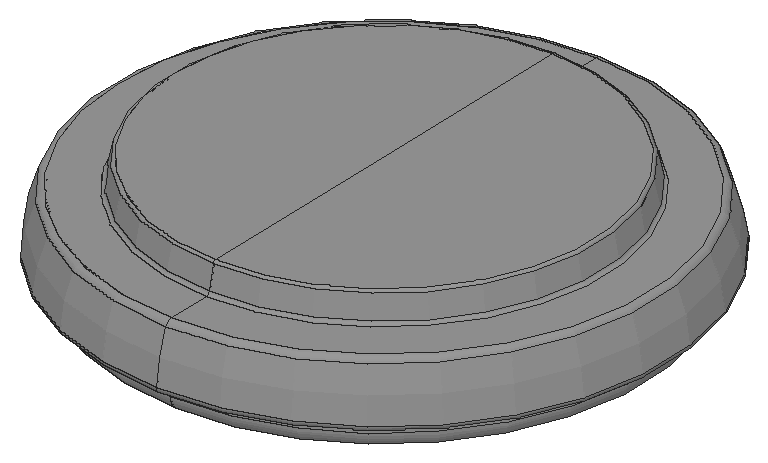
Revit family "FMK11_63_UN_Surface-mounted_ETK", category Lighting Fixtures, Revit 2017 (continued)
Definition of nested family "FMK.1 - Lightsource"
  Types (13, lengths in mm): name | Wattage Comments | Photometric Web File | built-in parameter 1150142 | Apparent Load
      557\r\n575.8245\t567.7807\t558.671\t549.5453\t540.3689\t531.5285\t520.6203\t507.6479\t495.0358\t482.4103\r\n469.7659\t456.1023\t439.9856\t424.2655\t408.544\t392.8333\t376.1554\t357.0502\t338.3348\t319.6294\r\n300.9487\t282.2854\t263.6386\t245.0208\t226.416\t229.2017\t45.4684\t0\t0\t0\r\n0\t0\t0\t0\t0\t0\r\n604.9325\t604.7632\t604.6362\t603.7203\t602.0082\t600.4147\t595.7247\t590.7676\t585.7629\t580.6861\r\n575.9058\t567.6035\t558.5877\t549.4888\t540.4293\t531.726\t520.0768\t507.5\t494.9689\t482.4273\r\n470.2375\t455.5327\t439.9057\t424.245\t408.5773\t393.285\t375.5117\t356.8122\t338.1263\t319.4596\r\n300.8082\t282.1736\t263.5683\t244.9667\t226.3809\t226.4495\t32.7256\t0\t0\t0\r\n0\t0\t0\t0\t0\t0\r\n604.9325\t604.7494\t604.6192\t603.7068\t602.0019\t600.4017\t595.6636\t590.7204\t585.7555\t580.7574\r\n576.0386\t567.5341\t558.5281\t549.5331\t540.4448\t531.678\t519.8299\t507.4404\t494.966\t482.469\r\n470.2994\t455.3393\t439.7438\t424.1484\t408.56\t393.3021\t375.2679\t356.5942\t337.9405\t319.3018\r\n300.6755\t282.0607\t263.4482\t244.854\t226.2716\t222.8477\t22.725\t0\t0\t0\r\n0\t0\t0\t0\t0\t0\r\n604.9325\t604.7357\t604.5967\t603.684\t601.9814\t600.3699\t595.5908\t590.662\t585.7282\t580.7774\r\n576.0465\t567.4397\t558.4879\t549.5241\t540.5844\t531.8864\t519.8198\t507.3101\t494.8808\t482.4693\r\n470.3215\t455.1606\t439.6097\t424.0629\t408.5175\t393.228\t374.9972\t356.3573\t337.7329\t319.1159\r\n300.506\t281.8988\t263.2952\t244.6981\t226.1219\t218.8981\t15.0099\t0\t0\t0\r\n0\t0\t0\t0\t0\t0\r\n604.9325\t604.7223\t604.5686\t603.6521\t601.9545\t600.3064\t595.5102\t590.5972\t585.6714\t580.7393\r\n575.9875\t567.2954\t558.3889\t549.4772\t540.5512\t531.8001\t519.6428\t507.2546\t494.8661\t482.4548\r\n470.231\t454.9664\t439.4613\t423.9574\t408.44\t393.1071\t374.7393\t356.1186\t337.5193\t318.9114\r\n300.3051\t281.7155\t263.1204\t244.529\t225.9498\t215.0686\t9.2037\t0\t0\t0\r\n0\t0\t0\t0\t0\t0\r\n604.9325\t604.7094\t604.4862\t603.611\t601.9186\t600.2519\t595.4135\t590.5198\t585.6158\t580.6958\r\n575.8642\t567.1097\t558.241\t549.3869\t540.4953\t531.7019\t519.4694\t507.1191\t494.7328\t482.3628\r\n470.0882\t454.7379\t439.2614\t423.776\t408.2999\t392.9255\t374.4478\t355.8537\t337.2496\t318.6474\r\n300.0597\t281.4641\t262.8684\t244.288\t225.7094\t211.6358\t4.9997\t0\t0\t0\r\n0\t0\t0\t0\t0\t0\r\n604.9325\t604.6969\t604.4556\t603.5192\t601.874\t600.1956\t595.3363\t590.449\t585.5548\t580.6541\r\n575.7996\t566.9991\t558.1327\t549.2735\t540.42\t531.6019\t519.2964\t506.9413\t494.5886\t482.2445\r\n469.9877\t454.5785\t439.0952\t423.6214\t408.1442\t392.7183\t374.1807\t355.5769\t336.9856\t318.3868\r\n299.7943\t281.203\t262.6158\t244.0278\t225.4394\t208.9068\t2.165\t0\t0\t0\r\n0\t0\t0\t0\t0\t0\r\n604.9325\t604.6847\t604.4274\t603.4735\t601.8037\t600.1361\t595.2676\t590.3811\t585.4992\t580.6088\r\n575.7401\t566.912\t558.0725\t549.2441\t540.4033\t531.587\t519.2191\t506.851\t494.4843\t482.1068\r\n469.7562\t454.3202\t438.8773\t423.4266\t407.9715\t392.5332\t373.932\t355.3289\t336.7255\t318.1135\r\n299.5116\t280.9116\t262.2998\t243.7\t225.1013\t207.0147\t0.5323\t0\t0\t0\r\n0\t0\t0\t0\t0\t0\r\n604.9325\t604.6729\t604.4014\t603.4335\t601.7575\t600.0816\t595.2071\t590.3206\t585.446\t580.5597\r\n575.685\t566.8329\t557.9807\t549.1285\t540.2764\t531.4242\t519.0431\t506.6501\t494.257\t481.8758\r\n469.4829\t454.0447\t438.6064\t423.1684\t407.7302\t392.292\t373.6789\t355.054\t336.4408\t317.8278\r\n299.2028\t280.5896\t261.9646\t243.3516\t224.7385\t206.1135\t0\t0\t0\t0\r\n0\t0\t0\t0\t0\t0\r\n604.9325\t604.6616\t604.378\t603.3995\t601.715\t600.0296\t595.1546\t590.2669\t585.4105\t580.5216\r\n575.6582\t566.7631\t557.8634\t548.9492\t540.0325\t531.1387\t518.7759\t506.3999\t494.0246\t481.6485\r\n469.2857\t453.8306\t438.3655\t422.898\t407.4405\t391.9924\t373.3723\t354.7354\t336.1017\t317.4682\r\n298.8328\t280.1999\t261.5672\t242.9339\t224.3137\t206.2036\t0.5301\t0\t0\t0\r\n0\t0\t0\t0\t0\t0\r\n604.9325\t604.6507\t604.3569\t603.3713\t601.698\t599.9887\t595.1169\t590.2224\t585.3231\t580.4075\r\n575.5369\t566.6425\t557.7033\t548.7862\t539.8612\t531.0007\t518.6409\t506.2128\t493.7948\t481.377\r\n469.0121\t453.5886\t438.1005\t422.6195\t407.1375\t391.7061\t373.1018\t354.4428\t335.7831\t317.1238\r\n298.4689\t279.8011\t261.1531\t242.4973\t223.8535\t207.2464\t2.1476\t0\t0\t0\r\n0\t0\t0\t0\t0\t0\r\n604.9325\t604.6403\t604.3383\t603.3781\t601.6534\t599.9308\t595.0598\t590.1302\t585.1637\t580.2052\r\n575.3271\t566.4956\t557.5561\t548.6172\t539.6572\t530.7955\t518.4879\t506.047\t493.6358\t481.2019\r\n468.8827\t453.4616\t437.9077\t422.358\t406.814\t391.4091\t372.8458\t354.1519\t335.4575\t316.7768\r\n298.0863\t279.3995\t260.7148\t242.0356\t223.3535\t209.1392\t4.9398\t0\t0\t0\r\n0\t0\t0\t0\t0\t0\r\n604.9325\t604.6305\t604.3542\t603.3499\t601.5992\t599.8648\t594.9909\t590.0066\t585.0197\t580.0279\r\n575.213\t566.4149\t557.4183\t548.4139\t539.4142\t530.599\t518.354\t505.8662\t493.3253\t480.7725\r\n468.4051\t453.0753\t437.5235\t421.9622\t406.3959\t391.0178\t372.5245\t353.7887\t335.0458\t316.3216\r\n297.6139\t278.9143\t260.2218\t241.5236\t222.8419\t211.7307\t9.0584\t0\t0\t0\r\n0\t0\t0\t0\t0\t0\r\n604.9325\t604.6209\t604.3361\t603.3171\t601.5361\t599.79\t594.9273\t589.9054\t584.8898\t579.8507\r\n575.019\t566.2793\t557.2303\t548.1795\t539.1485\t530.3832\t518.1958\t505.5947\t492.998\t480.4038\r\n468.0549\t452.8183\t437.1902\t421.5538\t405.9366\t390.617\t372.2595\t353.4868\t334.7152\t315.9418\r\n297.1676\t278.4178\t259.6912\t240.9653\t222.2487\t214.6609\t14.7139\t0\t0\t0\r\n0\t0\t0\t0\t0\t0\r\n604.9325\t604.6121\t604.3154\t603.2796\t601.4588\t599.7057\t594.8651\t589.8096\t584.7389\t579.6112\r\n574.75\t566.1333\t557.0381\t547.9336\t538.8114\t530.0323\t517.9997\t505.3262\t492.6666\t480.0139\r\n467.6665\t452.5996\t436.9052\t421.1918\t405.4901\t390.1168\t371.9317\t353.1249\t334.3088\t315.5017\r\n296.703\t277.9087\t259.137\t240.3756\t221.641\t217.6606\t22.1831\t0\t0\t0\r\n0\t0\t0\t0\t0\t0\r\n604.9325\t604.6037\t604.2923\t603.2379\t601.3832\t599.6112\t594.7992\t589.7156\t584.578\t579.3507\r\n574.4365\t565.9847\t556.8299\t547.6569\t538.4624\t529.6436\t517.8379\t505.1383\t492.3998\t479.655\r\n467.2301\t452.3504\t436.5478\t420.7758\t404.9991\t389.6016\t371.6468\t352.7568\t333.902\t315.0466\r\n296.2052\t277.3808\t258.5638\t239.7718\t220.9966\t220.3335\t31.8157\t0\t0\t0\r\n0\t0\t0\t0\t0\t0\r\n604.9325\t604.6264\t604.2668\t603.184\t601.3042\t599.4921\t594.7631\t589.6316\t584.4014\t579.0674\r\n574.1164\t565.8696\t556.6558\t547.4143\t538.1213\t529.2802\t518.2321\t504.9902\t492.1\t479.1502\r\n466.2748\t452.4704\t436.2345\t420.3688\t404.5102\t388.6462\t371.7795\t352.4387\t333.5044\t314.5978\r\n295.7023\t276.8281\t257.9759\t239.1444\t220.3439\t222.1659\t44.019\t0\t0\t0\r\n0\t0\t0\t0\t0\t0\r\n604.9325\t604.6175\t604.2388\t603.1377\t601.2227\t599.393\t594.7597\t589.541\t584.2109\t578.7911\r\n573.7778\t565.8354\t556.5099\t547.1431\t537.7767\t528.4261\t518.0929\t504.6371\t491.6852\t478.7549\r\n465.7705\t452.2449\t435.9539\t419.9514\t403.9894\t388.026\t371.4783\t352.1406\t333.1278\t314.1432\r\n295.1638\t276.2281\t257.3335\t238.4602\t219.6336\t222.5815\t59.2795\t0\t0\t0\r\n0\t0\t0\t0\t0\t0\r\n604.9325\t604.6083\t604.2087\t603.0905\t601.1334\t599.2948\t594.7477\t589.4485\t584.0313\t578.5186\r\n572.9709\t566.2131\t556.303\t546.8736\t537.408\t527.7959\t517.755\t504.4878\t491.4077\t478.3154\r\n465.1946\t451.8663\t435.6497\t419.562\t403.4723\t387.3853\t371.0707\t351.7829\t332.7135\t313.6759\r\n294.6564\t275.6527\t256.6917\t237.7765\t218.8904\t200.0404\t123.0458\t0\t0\t0\r\n0\t0\t0\t0\t0\t0\r\n604.9325\t604.5984\t604.1762\t603.0423\t601.0563\t599.2079\t594.7406\t589.3635\t583.8557\t578.2878\r\n572.5598\t565.9939\t556.1202\t546.5996\t536.9675\t527.333\t517.5303\t504.2723\t491.0942\t477.8523\r\n464.6219\t451.4545\t435.3539\t419.1162\t402.8873\t386.7138\t370.6427\t351.5167\t332.3327\t313.2127\r\n294.1056\t275.0485\t256.0207\t237.0535\t218.1327\t199.2528\t141.3756\t0\t0\t0\r\n0\t0\t0\t0\t0\t0\r\n604.9325\t604.5881\t604.1345\t602.9934\t600.9831\t599.0881\t595.1231\t589.2797\t583.702\t578.0092\r\n572.086\t565.7444\t556.0207\t546.3512\t536.6207\t526.7829\t517.1153\t504.1266\t490.752\t477.3913\r\n464.0075\t450.8707\t435.0141\t418.6634\t402.3572\t386.0323\t370.0481\t351.2415\t331.9591\t312.7263\r\n293.5436\t274.4063\t255.3393\t236.3172\t217.3562\t198.4472\t158.4187\t0\t0\t0\r\n0\t0\t0\t0\t0\t0\r\n604.9325\t604.5773\t604.0991\t602.9455\t600.914\t598.9484\t595.1202\t589.2174\t583.57\t577.6864\r\n571.6185\t565.5197\t555.9396\t546.1367\t536.2215\t526.2616\t516.5963\t503.9155\t490.4617\t476.9917\r\n463.3929\t449.7242\t435.1403\t418.2976\t401.8163\t385.3234\t369.2577\t350.95\t331.5721\t312.2532\r\n292.976\t273.7597\t254.6188\t235.5561\t216.5474\t197.6093\t173.3203\t0\t0\t0\r\n0\t0\t0\t0\t0\t0\r\n604.9325\t604.5662\t604.0625\t602.8947\t600.8579\t598.4107\t595.0932\t589.1837\t583.4111\t577.3865\r\n571.207\t565.2785\t555.8452\t545.8987\t535.8506\t525.6906\t515.4472\t504.2643\t490.2873\t476.512\r\n462.7778\t449.0181\t434.7872\t417.8293\t401.2088\t384.6206\t368.038\t350.9748\t331.1759\t311.7626\r\n292.4418\t273.1465\t253.9196\t234.7779\t215.7009\t196.7075\t185.101\t0\t0\t0\r\n0\t0\t0\t0\t0\t0\r\n604.9325\t604.5549\t604.0248\t602.8422\t600.8896\t598.2527\t595.0586\t589.1516\t583.2471\t577.0978\r\n570.8578\t564.8371\t555.7919\t545.6803\t535.468\t525.155\t514.7861\t504.1101\t489.9894\t476.136\r\n462.2219\t448.1506\t434.1791\t417.5062\t400.72\t383.9073\t367.1567\t350.4871\t330.8814\t311.3368\r\n291.8725\t272.4841\t253.2081\t233.9971\t214.874\t195.8381\t192.7191\t15.9245\t0\t0\r\n0\t0\t0\t0\t0\t0\r\n604.9325\t604.5433\t603.986\t602.788\t600.8165\t598.0928\t595.0063\t589.1287\t583.1052\t576.8495\r\n570.464\t563.8318\t556.1539\t545.496\t535.1406\t524.6786\t514.145\t503.5885\t489.837\t475.7861\r\n461.5507\t447.3989\t433.5293\t417.1738\t400.1728\t383.2561\t366.3482\t349.7603\t330.57\t310.9182\r\n291.3454\t271.8635\t252.4808\t233.2119\t214.0328\t194.9634\t195.026\t38.2765\t0\t0\r\n0\t0\t0\t0\t0\t0\r\n604.9325\t604.5317\t603.9462\t602.73\t600.7396\t597.9295\t594.9348\t589.1201\t582.9764\t576.6315\r\n570.0584\t563.2569\t555.9179\t545.3696\t534.8625\t524.2132\t513.4217\t502.9356\t489.7305\t475.3691\r\n461.0709\t446.6983\t432.2196\t417.1769\t399.7761\t382.6479\t365.546\t348.499\t330.6306\t310.5168\r\n290.8325\t271.2253\t251.7671\t232.4223\t213.1813\t194.0621\t175.0452\t106.4478\t0\t0\r\n0\t0\t0\t0\t0\t0\r\n604.9325\t604.5199\t603.9051\t602.6751\t600.6596\t597.7729\t594.8273\t589.1277\t582.8766\t576.4068\r\n569.6829\t562.6314\t555.6053\t545.3093\t534.5655\t523.7745\t512.7601\t501.66\t489.8704\t475.1468\r\n460.6236\t445.9779\t431.3323\t416.721\t399.3955\t382.1115\t364.7839\t347.5098\t330.1901\t310.1235\r\n290.373\t270.6834\t251.0985\t231.6345\t212.2907\t193.1322\t174.086\t133.5693\t0\t0\r\n0\t0\t0\t0\t0\t0\r\n604.9325\t604.5079\t603.8631\t602.6134\t600.5749\t597.6205\t594.6841\t589.1533\t582.7971\t576.198\r\n569.2975\t562.0743\t555.1412\t545.1747\t534.4\t523.3501\t512.1459\t500.742\t489.4278\t474.9764\r\n460.2072\t445.3919\t430.5375\t415.931\t399.1573\t381.5414\t364.0205\t346.5679\t329.4978\t309.9127\r\n289.9228\t270.0565\t250.3956\t230.8425\t211.4094\t192.1749\t173.1081\t154.025\t0\t0\r\n0\t0\t0\t0\t0\t0\r\n604.9325\t604.4961\t603.8272\t602.5488\t600.4863\t597.4731\t594.506\t589.5741\t582.7439\t576.0162\r\n568.8821\t561.5908\t554.0037\t545.51\t534.2308\t522.9763\t511.5426\t499.9542\t488.6592\t475.3061\r\n459.9308\t444.8951\t429.7989\t414.6003\t399.0359\t381.0986\t363.3904\t345.7352\t328.131\t309.8941\r\n289.5081\t269.4864\t249.6632\t230.0436\t210.573\t191.2661\t172.1269\t166.1889\t1.0816\t0\r\n0\t0\t0\t0\t0\t0\r\n604.9325\t604.4843\t603.6876\t602.4812\t600.394\t597.3304\t593.8969\t589.5576\t582.7321\t575.8654\r\n568.5536\t561.1314\t553.1982\t545.2937\t534.1132\t522.6889\t511.0381\t499.2227\t487.2464\t475.0385\r\n459.7619\t444.4779\t429.0445\t413.5582\t398.4204\t380.7318\t362.7844\t344.8834\t327.0801\t309.3293\r\n289.0741\t268.9893\t249.0266\t229.2819\t209.6976\t190.315\t171.1479\t152.1609\t24.9516\t0\r\n0\t0\t0\t0\t0\t0\r\n604.9325\t604.4729\t603.6423\t602.4109\t600.2969\t597.1958\t593.6426\t589.4592\t582.742\t575.7081\r\n568.317\t560.6659\t552.5479\t544.712\t534.4903\t522.4719\t510.5985\t498.545\t486.3296\t474.3497\r\n459.6837\t444.0747\t428.3777\t412.7844\t396.9567\t380.7411\t362.297\t344.1678\t326.043\t308.3826\r\n288.7651\t268.5059\t248.3888\t228.5046\t208.8423\t189.3996\t170.1602\t151.1308\t92.5537\t0\r\n0\t0\t0\t0\t0\t0\r\n604.9325\t604.4616\t603.597\t602.3379\t600.1979\t597.1739\t593.3818\t589.3226\t582.7813\t575.5444\r\n568.0981\t560.1654\t552.0133\t543.4448\t534.3842\t522.3157\t510.2443\t497.9469\t485.4798\t472.8858\r\n459.8258\t443.7838\t427.9923\t411.939\t395.91\t380.1029\t361.9131\t343.5007\t325.0806\t306.9089\r\n288.6458\t268.0404\t247.8084\t227.7882\t207.9796\t188.4441\t169.1623\t150.1435\t122.6663\t0\r\n0\t0\t0\t0\t0\t0\r\n604.9325\t604.4506\t603.5522\t602.2627\t600.0956\t597.0523\t593.1349\t589.1244\t583.2394\t575.4851\r\n567.9307\t559.7776\t551.4227\t542.6122\t533.9082\t522.2819\t509.9837\t497.4537\t484.7479\t471.794\r\n458.998\t443.7995\t427.5727\t411.2769\t395.0097\t378.6622\t361.8948\t342.8143\t324.3217\t305.8143\r\n287.7492\t267.7007\t247.2224\t227.0748\t207.166\t187.5405\t168.1922\t149.124\t140.1567\t0\r\n0\t0\t0\t0\t0\t0\r\n604.9325\t604.4294\t603.5077\t602.188\t599.9899\t596.9477\t592.9016\t588.8633\t583.2147\t575.5207\r\n567.7723\t559.5045\t550.8897\t541.9416\t532.6043\t522.5965\t509.811\t497.0659\t484.0541\t470.8107\r\n457.4164\t443.8914\t427.3242\t410.8155\t394.1966\t377.5624\t360.9355\t342.52\t323.6112\t304.8648\r\n286.202\t267.5492\t246.7533\t226.4008\t206.3734\t186.6561\t167.2312\t148.1077\t129.2845\t10.3334\r\n0\t0\t0\t0\t0\t0\r\n604.9325\t604.4195\t603.4641\t602.1078\t599.8841\t596.8155\t592.6872\t588.1451\t583.0235\t575.5845\r\n567.6119\t559.2557\t550.4062\t541.2976\t531.6992\t522.0661\t509.7806\t496.7878\t483.4998\t469.9516\r\n456.3571\t442.8221\t427.6855\t410.4734\t393.5939\t376.5252\t359.5309\t342.4013\t323.0592\t303.9192\r\n285.0445\t266.5724\t246.3282\t225.8347\t205.6391\t185.7617\t166.2891\t147.1457\t128.3049\t73.2475\r\n0\t0\t0\t0\t0\t0\r\n604.9325\t604.4101\t603.4214\t602.025\t599.771\t596.6739\t592.5032\t587.8231\t582.7805\t576.0783\r\n567.5599\t559.0563\t550.0333\t540.6899\t530.8794\t520.6834\t510.0048\t496.6168\t483.0748\t469.3201\r\n455.372\t441.1597\t427.0718\t410.38\t393.176\t375.718\t358.337\t341.0191\t322.5628\t303.171\r\n283.9792\t265.0216\t246.1697\t225.2875\t204.9367\t184.9616\t165.3515\t146.1494\t127.3133\t105.7337\r\n0\t0\t0\t0\t0\t0\r\n604.9325\t604.4017\t603.38\t601.9397\t599.6438\t596.5227\t592.438\t587.5329\t582.44\t576.0734\r\n567.5935\t558.9207\t549.7995\t540.1888\t530.1658\t519.7126\t509.2645\t496.9894\t482.7879\t468.8702\r\n454.5035\t440.0377\t425.3993\t410.6674\t392.8017\t375.0463\t357.3334\t339.6053\t322.0947\t302.6399\r\n283.1155\t263.9142\t244.8482\t224.8765\t204.317\t184.1413\t164.4613\t145.2101\t126.3651\t119.2436\r\n0\t0\t0\t0\t0\t0\r\n604.9325\t604.3939\t603.34\t601.8519\t599.5255\t596.3623\t592.2631\t587.2532\t581.656\t575.8791\r\n568.1003\t558.8511\t549.6123\t539.7808\t529.5521\t518.8501\t507.7503\t496.4831\t482.7274\t468.533\r\n453.9048\t439.1525\t424.1626\t408.9232\t392.9664\t374.5938\t356.5292\t338.4935\t320.5128\t302.3863\r\n282.5686\t262.8995\t243.5418\t224.4753\t203.7722\t183.4746\t163.6292\t144.2566\t125.3736\t106.9497\r\n11.7181\t0\t0\t0\t0\t0\r\n604.9325\t604.387\t603.3015\t601.7617\t599.4058\t596.1605\t592.0815\t586.9987\t581.2608\t575.4819\r\n568.0918\t558.8954\t549.4935\t539.4922\t529.0523\t518.1151\t506.7688\t494.941\t482.9397\t468.3432\r\n453.5373\t438.4736\t423.165\t407.4106\t391.8135\t374.7525\t356.0936\t337.6593\t319.275\t301.111\r\n282.2991\t262.0961\t242.4214\t223.0808\t203.3667\t182.8152\t162.8033\t143.344\t124.4124\t106.0038\r\n72.9351\t0\t0\t0\t0\t0\r\n604.9325\t604.622\t603.2538\t601.5672\t599.2847\t595.9962\t591.8852\t586.8698\t580.9017\t574.5928\r\n567.865\t559.4036\t549.4849\t539.3427\t528.6819\t517.5354\t505.9362\t493.8401\t481.5473\t468.5515\r\n453.4477\t437.9898\t422.2479\t406.2226\t390.0147\t373.9767\t355.942\t337.1648\t318.4738\t299.7784\r\n281.3581\t261.6264\t241.5101\t221.8103\t202.7012\t182.2804\t162.0885\t142.4934\t123.5155\t105.0904\r\n95.1456\t0\t0\t0\t0\t0\r\n604.9325\t604.6141\t603.2189\t601.4822\t599.1621\t595.8286\t591.6884\t586.6254\t580.5859\t574.1298\r\n567.4081\t559.3581\t549.5858\t539.309\t528.4379\t517.129\t505.2655\t492.9651\t480.2973\t467.2202\r\n453.6975\t437.7964\t421.7132\t405.3918\t388.8092\t372.1027\t355.5671\t337.0665\t317.922\t298.752\r\n279.8341\t261.0628\t240.8359\t220.8089\t201.1979\t181.9596\t161.5268\t141.7433\t122.5829\t104.1327\r\n86.3071\t0\t0\t0\t0\t0\r\n604.9325\t604.6054\t603.1866\t601.4029\t599.0383\t595.6611\t591.4846\t586.3831\t580.4101\t573.7236\r\n566.4496\t559.0016\t549.9724\t539.414\t528.3623\t516.8762\t504.7922\t492.3345\t479.3339\t466.0119\r\n452.2141\t437.9358\t421.548\t404.9834\t388.0178\t370.9093\t353.6945\t336.6775\t317.7303\t298.2286\r\n278.7536\t259.4391\t240.5161\t220.1211\t200.0968\t180.6721\t161.0151\t141.0006\t121.7686\t103.2549\r\n85.4213\t45.9781\t0\t0\t0\t0\r\n604.9325\t604.5953\t603.1572\t601.3299\t598.9131\t595.4931\t591.2773\t586.136\t580.1303\t573.4509\r\n565.956\t558.0142\t549.6285\t539.8675\t528.4659\t516.7647\t504.5384\t491.8589\t478.6369\t465.0603\r\n450.9503\t436.4023\t421.7158\t404.8189\t387.5354\t370.1777\t352.5399\t334.7641\t317.2154\t298.387\r\n278.1701\t258.4364\t238.9754\t219.7559\t199.2825\t179.3658\t160.3313\t140.4532\t120.9822\t102.383\r\n84.5438\t73.5444\t0\t0\t0\t0\r\n604.9325\t604.5842\t603.1309\t601.2628\t598.7218\t595.325\t591.0663\t585.8834\t579.8535\t573.1229\r\n565.5374\t557.4249\t548.5695\t539.5105\t528.9283\t516.8665\t504.4931\t491.5872\t478.201\t464.3372\r\n449.9781\t435.1134\t420.0866\t404.7055\t387.8436\t369.7748\t351.778\t333.5676\t315.3363\t297.026\r\n278.3487\t257.9367\t237.9282\t218.2191\t198.7991\t178.3756\t158.8354\t140.0522\t120.3754\t101.6243\r\n83.73\t66.7522\t0\t0\t0\t0\r\n604.9325\t604.5719\t603.1078\t601.203\t598.6144\t595.1881\t590.8522\t585.6299\t579.5818\t572.7997\r\n565.288\t556.9376\t547.9461\t538.3631\t528.5314\t517.2694\t505.0391\t491.5939\t478.0231\t463.9186\r\n449.2926\t434.2502\t418.8317\t402.9288\t386.7615\t370.0642\t351.5529\t332.8486\t314.2291\t29
